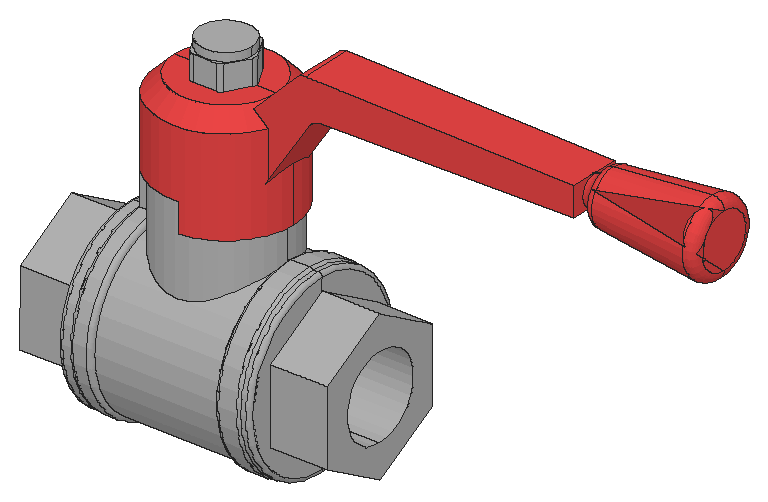
Revit family "QA00100000", category Apparecchi idraulici, Revit 2016
Family settings
  Tipo di parte = Normale
  Quota connettore circolare = Usa diametro
  Numero OmniClass = 23.45.00.00
  Titolo OmniClass = Sanitary, Laundry, and Cleaning Equipment
  Basato su piano di lavoro = No
  Sempre verticale = Sì
  Taglio con vuoti quando caricato = No
  Condiviso = Sì
  Punto di calcolo locali = No
Parameters
  URL = "https://web.cimberio.it/index.php/figura/50?subcategoria_id=41693"
  Modello DN [instance] = QA00101020 : QA00101020
  DN [instance] = 20 mm
Reference planes
  plane 1 "Centro (Fronte/Retro)": y = 0
  plane 2: z = 0
  plane 3 "Centro (Sinistra/Destra)": x = 0
Dimensions and locks
  aligned and locked: level to plane 2
Nested families
  nested 1: "QA00101020" at (0, 0, 0), type <- "Modello DN", type "QA00101020"
  nested 2: "QA00101020" at (0, 0, 0), type <- "Modello DN", type "QA00101020"
  nested 3: "QA00101020" at (0, 0, 0), type <- "Modello DN", type "QA00101020"
  nested 4: "QA00101020" at (0, 0, 0), type <- "Modello DN", type "QA00101020"
  nested 5: "QA00101020" at (0, 0, 0), type <- "Modello DN", type "QA00101020"
  nested 6: "QA00101020" at (0, 0, 0), type <- "Modello DN", type "QA00101020"
  nested 7: "QA00101020" at (0, 0, 0), type <- "Modello DN", type "QA00101020"
  nested 8: "QA00101020" at (0, 0, 0), type <- "Modello DN", type "QA00101020"
  nested 9: "QA00101020" at (0, 0, 0), type <- "Modello DN", type "QA00101020"
Connectors
  piping at (37.1, 0, 0), diameter 20, driven by "DN"
    settings: on nested 1, index 1, connector inside diameter 609.6 mm, connector length 0 mm, flow factor 0, pipe flow 0.0 L/s, pressure drop 0.0 Pa, fitting loss kfactor 0, connector angle 0.00°, fixture units 0, engagement length 0 mm, angle of deflection 0.00°, flow configuration 0, flow direction 0, fitting loss method 0, system type 7, joint type 0, gender type 0, connector reference index -1, connector utility 0, adjustable connector no, is connector primary yes, connector description ""
  piping at (-37.1, 0, 0), diameter 20, driven by "DN"
    settings: on nested 1, index 2, connector inside diameter 609.6 mm, connector length 0 mm, flow factor 0, pipe flow 0.0 L/s, pressure drop 0.0 Pa, fitting loss kfactor 0, connector angle 0.00°, fixture units 0, engagement length 0 mm, angle of deflection 0.00°, flow configuration 0, flow direction 0, fitting loss method 0, system type 7, joint type 0, gender type 0, connector reference index -1, connector utility 0, adjustable connector no, is connector primary no, connector description ""
Definition of nested family "QA00101020"
  Reference planes
    plane 1 "Centro (Fronte/Retro)": y = 0
    plane 2: z = 0
    plane 3 "Centro (Sinistra/Destra)": x = 0
  Forms (mm)
    Revolve 1, solid
      sketch origin (0, 0, 0) x (1, 0, 0) y (0, 0, 1)
        loop
          line (-23.1, 12.018) -> (-23.1, 10.749) -> (23.1, 10.749) -> (23.1, 20.749)
          arc (23.1, 20.749) -> (22.807, 21.457) -> (22.099, 21.75) r 1
          line (22.099, 21.75) -> (20.869, 21.75) -> (20.1, 22) -> (15.716, 22)
          arc (15.716, 22) -> (15.329, 21.87) -> (15.063, 21.56) r 0.77
          arc (15.063, 21.56) -> (14.898, 21.162) -> (14.5, 20.997) r 0.563
          line (14.5, 20.997) -> (-14.886, 20.997)
          arc (-14.886, 20.997) -> (-15.25, 21.712) -> (-16, 22) r 1.12
          line (-16, 22) -> (-19.331, 22) -> (-20.1, 21.75) -> (-22.1, 21.75)
          arc (-22.1, 21.75) -> (-22.807, 21.457) -> (-23.1, 20.75) r 1
          line (-23.1, 20.75) -> (-23.1, 12.018)
        axis (-23.1, 0) -> (23.1, 0)
      angle from 0 to 360
    Extrusion 2, solid
      sketch origin (0, 0, 0) x (0, 0, -1) y (0, 1, 0)
        loop
          circle (0, 0) r 10
        loop
          line (-18, 0) -> (-9, -15.588) -> (9, -15.588) -> (18, 0) -> (9, 15.588) -> (-9, 15.588) -> (-18, 0)
      from -37.1 to -21.349
    Extrusion 3, solid
      sketch origin (0, 0, 0) x (0, 0, -1) y (0, -1, 0)
        loop
          circle (0, 0) r 10
        loop
          line (-18, 0) -> (-9, -15.588) -> (9, -15.588) -> (18, 0) -> (9, 15.588) -> (-9, 15.588) -> (-18, 0)
      from -37.1 to -22.1
    Extrusion 4, solid
      sketch origin (0, 0, 0) x (1, 0, 0) y (0, 1, 0)
        loop
          circle (0, 0) r 15
        loop
          circle (0, 0) r 12.689
      from 7.846 to 51.018
    Revolve 5, solid
      sketch origin (0, 0, 0) x (1, 0, 0) y (0, 0, 1)
        loop
          line (0, 56.8) -> (-12.25, 56.8) -> (-16.25, 52.8) -> (-16.25, 29.8) -> (-15.128, 29.8) -> (-15.128, 51.018) -> (0, 51.018) -> (0, 56.8)
        axis (0, 56.8) -> (0, 29.8)
      angle from 0 to 360
    Extrusion 6, void
      sketch origin (0, 0, 0) x (1, 0, 0) y (0, 1, 0)
        loop
          arc (-16.25, 0) -> (-10.91, -12.043) -> (1.6, -16.171) r 16.25
          line (1.6, -16.171) -> (1.6, -15.043)
          arc (1.6, -15.043) -> (-10.116, -11.249) -> (-15.128, 0) r 15.128
          line (-15.128, 0) -> (-16.25, 0)
      from 25 to 36.8
    Extrusion 7, solid
      sketch origin (0, 0, 0) x (1, 0, 0) y (0, 1, 0)
        loop
          line (-19.331, 1.393) -> (-19.331, -1.663) -> (-12.137, -1.663) -> (-12.137, 1.393) -> (-19.331, 1.393)
      from 15.862 to 34.8
    Extrusion 8, solid
      sketch origin (0, 0, 0) x (1, 0, 0) y (0, 1, 0)
        loop
          line (7.07, 0.698) -> (4.135, 5.782)
          arc (4.135, 5.782) -> (3.63, 6.287) -> (2.939, 6.472) r 1.381
          line (2.939, 6.472) -> (-2.979, 6.472)
          arc (-2.979, 6.472) -> (-3.635, 6.296) -> (-4.115, 5.816) r 1.312
          line (-4.115, 5.816) -> (-7.076, 0.687)
          arc (-7.076, 0.687) -> (-7.26, 0) -> (-7.076, -0.687) r 1.375
          line (-7.076, -0.687) -> (-4.134, -5.783)
          arc (-4.134, -5.783) -> (-3.63, -6.287) -> (-2.941, -6.472) r 1.377
          line (-2.941, -6.472) -> (2.914, -6.472)
          arc (2.914, -6.472) -> (3.626, -6.281) -> (4.148, -5.76) r 1.424
          line (4.148, -5.76) -> (7.07, -0.698)
          arc (7.07, -0.698) -> (7.257, 0) -> (7.07, 0.698) r 1.397
      from 56.8 to 62.8
    Extrusion 9, solid
      sketch origin (0, 0, 0) x (1, 0, 0) y (0, 1, 0)
        loop
          circle (0, 0) r 6.25
      from 62.8 to 64.8
    Extrusion 10, solid
      sketch origin (0, 0, 0) x (1, 0, 0) y (0, 0, 1)
        loop
          line (11.393, 55.693) -> (14.605, 40.753) -> (25.275, 57.183)
          arc (25.275, 57.183) -> (26.161, 58.009) -> (27.332, 58.321) r 2.5
          line (27.332, 58.321) -> (88.635, 59.337) -> (88.635, 66.292) -> (24.058, 67.284)
          arc (24.058, 67.284) -> (23.081, 67.101) -> (22.252, 66.552) r 2.5
          line (22.252, 66.552) -> (11.393, 55.693)
      from -6.173 to 6.173
    Revolve 11, solid
      sketch origin (0, 0, 0) x (1, 0, 0) y (0, 0, 1)
        loop
          line (117.254, 71.8) -> (93.442, 69.443)
          arc (93.442, 69.443) -> (92.361, 69.064) -> (91.575, 68.23) r 2.423
          arc (91.575, 68.23) -> (90.271, 66.871) -> (88.477, 66.295) r 3.846
          line (88.477, 66.295) -> (88.477, 62.815) -> (120, 62.815) -> (120, 69.316)
          arc (120, 69.316) -> (119.177, 71.166) -> (117.254, 71.8) r 2.5
        axis (88.477, 62.815) -> (120, 62.815)
      angle from 0 to 360
  Cuts and joins
    Extrusion 6 cuts Revolve 1
    joined: Revolve 1, Extrusion 7
    Extrusion 6 cuts Revolve 5
  Dimensions and locks
    aligned and locked: level to plane 2
